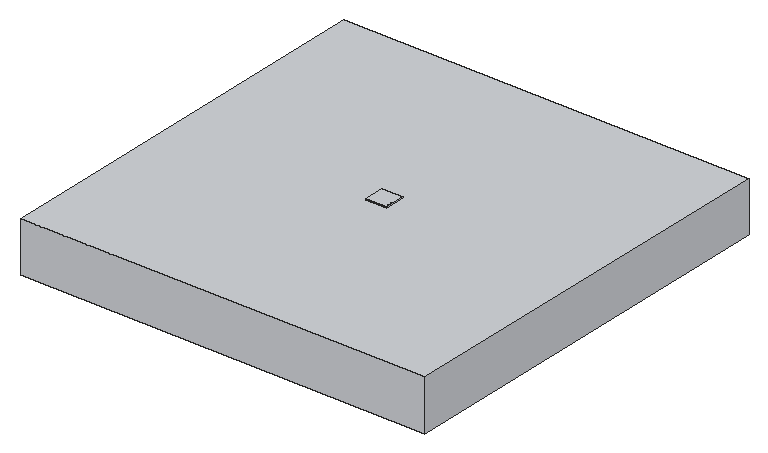
Revit family "M_Campainha - Toque", category Dispositivos de alarme de incêndio, Revit 2019
Family settings
  Hospedeiro = Face
  Manter orientação da anotação = Sim
  Cota do conector redondo = Utilizar diâmetro
  Tipo de parte = Normal
  Número OmniClass = 23.85.30.21.11.17
  Título OmniClass = Other Components
  ID de item do Seek = Bell - Chime-0000-CAN-ENU
  Corte com vazios quando carregada = Não
  Compartilhado = Não
  Ponto de cálculo do ambiente = Não
Parameters (values of type "Padrão")
  Material = none
  Comprimento 1 = 39 mm
  Elevação-padrão = 1200 mm
Reference planes
  plane 1 "Centro (Frente/Trás)": y = 0
  plane 2: z = 0
  plane 3 "Centro (Esquerda/Direita)": x = 0
  plane 4: x = -63.5
  plane 5: x = 63.5
  plane 6: y = 63.5
  plane 7: y = -63.5
  plane 8: z = 4.762
  plane 9: z = -39
  plane 10: y = 50.8
  plane 11: y = -50.8
  plane 12: x = -50.8
  plane 13: x = 50.8
Forms (mm)
  Extrusion 1, solid
    sketch origin (0, 0, 0) x (1, 0, 0) y (0, 1, 0)
      loop
        line (-1219.2, 1219.2) -> (-1219.2, -1219.2) -> (1219.2, -1219.2) -> (1219.2, 1219.2) -> (-1219.2, 1219.2)
    from 0 to -304.8
  Extrusion 2, solid, material <- "Material"
    sketch origin (0, 0, 0) x (1, 0, 0) y (0, 1, 0)
      loop
        line (-63.5, 63.5) -> (-63.5, -63.5) -> (63.5, -63.5) -> (63.5, 63.5) -> (-63.5, 63.5)
    from 0 to 4.762
  Extrusion 3, solid, material <- "Material"
    sketch origin (0, 0, 0) x (1, 0, 0) y (0, 1, 0)
      loop
        line (-50.8, 50.8) -> (-50.8, -50.8) -> (50.8, -50.8) -> (50.8, 50.8) -> (-50.8, 50.8)
    from 0 to -39
Cuts and joins
  joined: Extrusion 2, Extrusion 3
Lines and regions (mm)
  symbolic lines, detail levels fine
    curve 1: line (63.5, 0, 4.762) -> (-63.5, 0, 4.762)
    curve 2: line (-63.5, 0, 4.762) -> (-63.5, 0, 0)
    curve 3: line (-63.5, 0, 0) -> (63.5, 0, 0)
    curve 4: line (-50.8, 0, 0) -> (-50.8, 0, -39)
    curve 5: line (-50.8, 0, -39) -> (50.8, 0, -39)
    curve 6: line (50.8, 0, -39) -> (50.8, 0, 0)
    curve 7: line (63.5, 0, 0) -> (63.5, 0, 4.762)
Dimensions and locks
  equal spacing: plane 4, plane 3 "Centro (Esquerda/Direita)", plane 5
  equal spacing: plane 6, plane 1 "Centro (Frente/Trás)", plane 7
  locked: plane 4 to plane 5 at 127
  locked: plane 6 to plane 7 at 127
  locked: plane 8 to plane 2 at 4.762
  equal spacing: plane 12, plane 3 "Centro (Esquerda/Direita)", plane 13
  equal spacing: plane 10, plane 1 "Centro (Frente/Trás)", plane 11
  locked: plane 10 to plane 11 at 101.6
  locked: plane 12 to plane 13 at 101.6
  "Comprimento 1": Extrusion 1 to plane 9
  aligned and locked: plane 2 to Extrusion 1
  aligned and locked: level to Extrusion 1
  aligned and locked: Extrusion 2 to plane 4
  aligned and locked: plane 5 to Extrusion 2
  aligned and locked: plane 6 to Extrusion 2
  aligned and locked: Extrusion 2 to plane 7
  aligned and locked: plane 8 to Extrusion 2
  aligned and locked: Extrusion 2 to plane 2
  aligned and locked: plane 2 to Extrusion 3
  aligned and locked: Extrusion 3 to plane 9
  aligned and locked: Extrusion 3 to plane 12
  aligned and locked: plane 13 to Extrusion 3
  aligned and locked: plane 10 to Extrusion 3
  aligned and locked: Extrusion 3 to plane 11
  aligned and locked: curve 1 to cut or joined group of Extrusion 2, Extrusion 3
  aligned and locked: curve 2 to cut or joined group of Extrusion 2, Extrusion 3
  aligned and locked: curve 3 to cut or joined group of Extrusion 2, Extrusion 3
  aligned and locked: curve 4 to cut or joined group of Extrusion 2, Extrusion 3
  aligned and locked: curve 5 to cut or joined group of Extrusion 2, Extrusion 3
  aligned and locked: curve 6 to cut or joined group of Extrusion 2, Extrusion 3
  aligned and locked: curve 7 to cut or joined group of Extrusion 2, Extrusion 3
  aligned and locked: plane 1 "Centro (Frente/Trás)" to nested 1
  aligned and locked: plane 3 "Centro (Esquerda/Direita)" to nested 1
Automatic sketch dimensions
  Extrusion 1 sketch curve to Extrusion 1 sketch curve = 2438.4 mm  (x2)
  plane 4 to Extrusion 2 sketch curve = 0 mm
  plane 3 "Centro (Esquerda/Direita)" to Extrusion 2 sketch curve = 63.5 mm
  plane 7 to Extrusion 2 sketch curve = 0 mm
  Extrusion 2 sketch curve to plane 1 "Centro (Frente/Trás)" = 63.5 mm
  Extrusion 3 sketch curve to plane 3 "Centro (Esquerda/Direita)" = 50.8 mm
  plane 3 "Centro (Esquerda/Direita)" to Extrusion 3 sketch curve = 50.8 mm
  plane 1 "Centro (Frente/Trás)" to Extrusion 3 sketch curve = 50.8 mm
  Extrusion 3 sketch curve to plane 6 = 12.7 mm
Nested families
  nested 1: "M_Campainha - Anotação do toque" at (0, 0, 0), type "Sino - Anotação da melodia", detail levels coarse+medium
Connectors
  electrical at (0, 50.8, -19.5)
    settings: on Extrusion 3, index 1, voltage 0 V, apparent load 0 VA, apparent load phase1 0 VA, apparent load phase2 0 VA, apparent load phase3 0 VA, power factor 1, load classification "Outros", number of poles 1, system type 11, power factor state 1, is connector primary yes, connector utility no, sub classification motor no, connector description ""
Definition of nested family "M_Campainha - Anotação do toque"
  Parameters
    Anotação de legenda = "C"
  Reference planes
    plane 1: y = 0
    plane 2: x = 0
  Lines and regions (mm)
    reference lines
      curve 1: line (-1.588, 30.805, 0) -> (-1.588, -4.716, 0)
      curve 2: line (1.587, 36.254, 0) -> (1.587, -4.716, 0)
      curve 3: line (-8.788, 0.794, 0) -> (21.298, 0.794, 0)
      curve 4: line (-0.794, 1.788, 0) -> (-0.794, -1.754, 0)
      curve 5: line (0.794, 1.493, 0) -> (0.794, -2.574, 0)
      curve 6: line (-5.105, 2.381, 0) -> (11.992, 2.381, 0)
    detail lines
      curve 7: arc (1.587, 0.794, 0) -> (0, 2.381, 0) -> (-1.587, 0.794, 0) r 1.587
      curve 8: line (-1.587, 0.794, 0) -> (1.587, 0.794, 0)
      curve 9: line (-0.794, 0.794, 0) -> (-0.794, 0, 0)
      curve 10: line (0.794, 0.794, 0) -> (0.794, 0, 0)
      curve 11: line (-1.588, 0, 0) -> (-0.794, 0, 0)
      curve 12: line (0.794, 0, 0) -> (1.587, 0, 0)
  Text (mm)
    label "C" at (2.073, -0.102, 0), shows "Anotação de legenda"
  Dimensions and locks
    locked: curve 1 to plane 2 at 1.588
    locked: plane 2 to curve 2 at 1.587
    locked: plane 1 to curve 3 at 0.794
    locked: curve 4 to plane 2 at 0.794
    locked: plane 2 to curve 5 at 0.794
    locked: curve 3 to curve 6 at 1.588
    aligned and locked: curve 3 to curve 7
    aligned and locked: plane 2 to curve 7
    aligned and locked: curve 2 to curve 8
    aligned and locked: curve 1 to curve 8
    aligned and locked: curve 3 to curve 8
    aligned and locked: curve 3 to curve 10
    aligned and locked: plane 1 to curve 10
    aligned and locked: curve 5 to curve 10
    aligned and locked: curve 3 to curve 9
    aligned and locked: plane 1 to curve 9
    aligned and locked: curve 4 to curve 9
    aligned and locked: curve 1 to curve 11
    aligned and locked: curve 4 to curve 11
    aligned and locked: plane 1 to curve 11
    aligned and locked: curve 5 to curve 12
    aligned and locked: curve 2 to curve 12
    aligned and locked: plane 1 to curve 12
